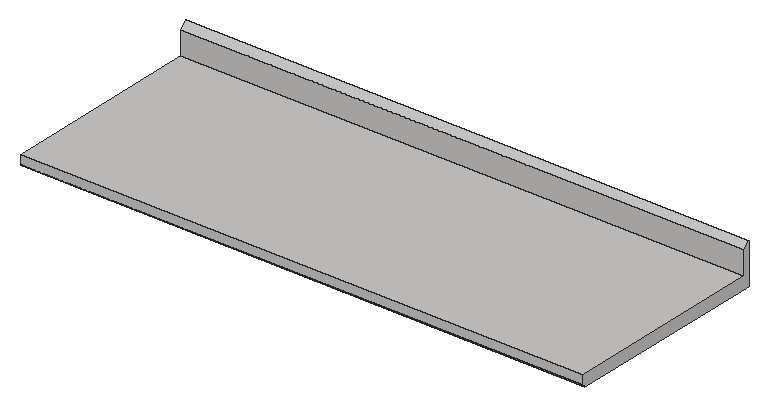
Revit family "QF_ELECTROLUXPROFESSIONAL_121157_TPLA19A", category Attrezzature speciali, Revit 2020
Family settings
  Quota connettore circolare = Usa diametro
  Tipo di parte = Normale
  Basato su piano di lavoro = No
  Sempre verticale = Sì
  Taglio con vuoti quando caricato = No
  Condiviso = No
  Punto di calcolo locali = No
Parameters (values of type "Standard")
  Weight = 62.00 kg
  Watts = 0 W
  Volts = 0 V
  URL Manufacturer = "https://www.electroluxprofessional.com/"
  URL = "https://www.electroluxprofessional.com/"
  Steam Supply Size = 0 mm
  Steam Supply Minimum Pressure = 0.0 Pa
  Steam Supply Maximum Pressure = 0.0 Pa
  Steam Consumption per Hour = 0
  Refrigeration Suction Line Size = 0.0 mm
  Refrigeration Liquid Line Size = 0.0 mm
  Refrigerant Compressor Remote = yes
  Prospetto di default = 0.0 mm
  Phase = 0
  Modello = "TPLA19A"
  Produttore = "Electrolux Professional"
  Length Actual = 1900.0 mm  # constant formula
  Item Number = "121157"
  Hot Water Size = 0 mm
  Height Actual = 140.0 mm  # constant formula
  HP = "0 HP"
  Gas Size = 0 mm
  Gas KW = 0
  Gas Input Pressure = 0 W
  Direct Waste Size = 0 mm
  Descrizione = "WORK TOP WITH UPSTAND 1900MM"
  Depth Actual = 700.0 mm  # constant formula
  Cycle = 0 Hz
  Condensate Return Size = 0 mm
  Compressed Air Volume = 0.0 L/s
  Compressed Air Size = 0 mm
  Compressed Air Pressure = 0.0 Pa
  Cold Water Size = 0 mm
  Accessory = yes
Reference planes
  plane 1 "Center (Front/Back)": y = 0
  plane 2: z = 0
  plane 3 "Center (Left/Right)": x = -450
  plane 4 "LEFT": x = -1400
  plane 5 "RIGHT": x = 500
  plane 6 "BACK": y = 350
  plane 7 "FRONT": y = -350
  plane 8 "TOP": z = 1000
  plane 9: z = 900
  plane 10: z = 860
Forms (mm)
  Extrusion 1, solid, material "QF_Finishes_Stainless Steel"
    sketch origin (-450, 0, 0) x (0, 1, 0) y (0, 0, 1)
      loop
        line (350, 1000) -> (330, 980) -> (330, 900) -> (-350, 900) -> (-350, 870) -> (-340, 860) -> (350, 860) -> (350, 1000)
    from 950 to -950
Lines and regions (mm)
  symbolic lines
    curve 1: line (500, 350, 1000) -> (-1400, 350, 1000)
    curve 2: line (-1400, 350, 1000) -> (-1400, -350, 1000)
    curve 3: line (-1400, -350, 1000) -> (500, -350, 1000)
    curve 4: line (500, -350, 1000) -> (500, 350, 1000)
    curve 5: line (-1400, 330, 1000) -> (500, 330, 1000)
Dimensions and locks
  plane 4 "LEFT" to plane 5 "RIGHT" = 1900.0 mm
  equal spacing: plane 4 "LEFT", plane 3 "Center (Left/Right)", plane 5 "RIGHT"
  plane 6 "BACK" to plane 7 "FRONT" = 700.0 mm
  equal spacing: plane 6 "BACK", plane 1 "Center (Front/Back)", plane 7 "FRONT"
  locked: plane 8 "TOP" to plane 9 at 100
  locked: plane 6 "BACK" to Extrusion 1 sketch curve at 20
  plane 10 to level = 860.0 mm
  plane 8 "TOP" to plane 10 = 140.0 mm
  aligned and locked: level to plane 2
  aligned and locked: Extrusion 1 to plane 4 "LEFT"
  aligned and locked: plane 5 "RIGHT" to Extrusion 1
  aligned and locked: curve 2 to plane 4 "LEFT"
  aligned and locked: Extrusion 1 sketch curve to plane 9
  aligned and locked: Extrusion 1 sketch curve to plane 6 "BACK"
  aligned and locked: plane 7 "FRONT" to Extrusion 1 sketch curve
  aligned and locked: plane 10 to Extrusion 1 sketch curve
Automatic sketch dimensions
  curve 3 to plane 7 "FRONT" = 0.0 mm
  curve 4 to plane 5 "RIGHT" = 0.0 mm
  curve 4 to plane 6 "BACK" = 0.0 mm
  curve 5 to plane 6 "BACK" = 20.0 mm
  Extrusion 1 sketch curve to plane 8 "TOP" = 0.0 mm
  Extrusion 1 sketch curve to plane 8 "TOP" = 20.0 mm
  plane 7 "FRONT" to Extrusion 1 sketch curve = 10.0 mm
  level to Extrusion 1 sketch curve = 870.0 mm
